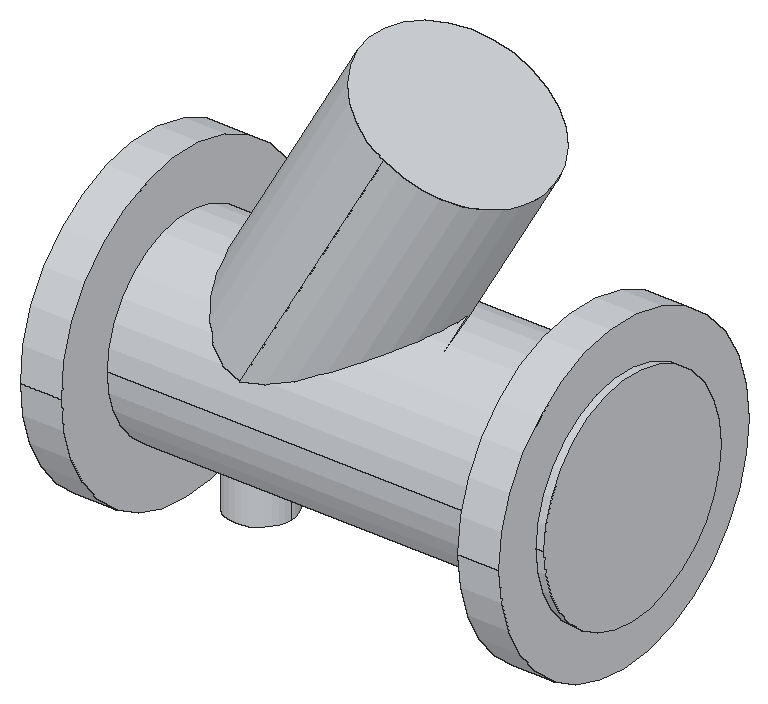
Revit family "HS 821-síto_standard-PN16-DN100-RFA_2018", category Pipe Accessories, Revit 2018
Family settings
  Round Connector Dimension = Use Diameter
  Part Type = Breaks Into
  Work Plane-Based = No
  Always vertical = Yes
  Cut with Voids When Loaded = No
  Shared = No
Parameters (values of type "821A-DN100-PN16-síto_standard")
  magiProductId = "c49a648c2747461285837d643703cd"
  magiProductFamilyId = "79214ac3aaa945e397802f559f5c1e"
  magiPartTypeId = 307
  isMeasuringValve [instance] = no
  ang2D [instance] = 0.00°
  ZB__ve = -ZB  # -35 mm
  ZB1 = 63.18 mm
  ZB = 35 mm
  X2 = 114.857 mm
  X1 = 49 mm
  W2D = 15 mm
  VersionID = "2.0/2017.9.26.1/ZETKAMA_821_001"
  Use Minimum Symbol Size [instance] = yes
  URL = "www.hydronix.cz"
  Type Comments = "Filtr přírubový; síto standardní; A-PN16 (-10~300°C); D-PN25 (-10~350°C); F-PN40 (-10~400°C)"
  S = 156 mm
  QmdConnectorList = "301;D;302;D"
  Productdata [instance] = ""
  Manufacturer = "Hydronix"
  MC Product Code = "200 190 (821A; DN100; PN16; kvs209,6; oko síta 1,60mm)"
  LM1 = 28 mm
  LM = 280 mm
  L4 = 87.5 mm
  L2D_Min = 3048 mm
  L2D = 130 mm
  L2 = 175 mm
  HH2 = 198.937 mm
  FD = 220 mm
  Description = "Filtr přírubový; síto standardní; 821A-PN16; 821D-PN25; 821F-PN40"
  DM1 = 131.4 mm
  DM = 140.4 mm
  D = 100 mm
  CC = 5.95 mm
  CAT0 = yes
  C1 = 29.05 mm
  C = 35 mm
  BD = 44.226 mm
Types (40, lengths in mm): name | magiProductId | ZB__ve | ZB1 | ZB | X2 | X1 | S | MC Product Code | LM1 | LM | L4 | L2 | HH2 | FD | DM1 | DM | D | CC | C1 | C | BD
  821A-DN015-PN16-síto_standard | "a71bcfe8b393460598b23e8ddf7dc5" | -16.25 | 18.63 | 16.25 | 46.982 | 18.2 | 46 | "200 115 (821A; DN015; PN16; kvs6,3; oko síta 1,00mm)" | 10.4 | 104 | 32.5 | 65 | 81.375 | 95 | 27.6 | 41.4 | 15 | 2.21 | 10.79 | 13 | 13.041
  821A-DN020-PN16-síto_standard | "41cd6c7a12924f4991217528336076" | -17.75 | 22.68 | 17.75 | 51.673 | 21 | 56 | "200 120 (821A; DN020; PN16; kvs11,2; oko síta 1,00mm)" | 12 | 120 | 37.5 | 75 | 89.5 | 105 | 33.6 | 50.4 | 20 | 2.55 | 12.45 | 15 | 15.876
  821A-DN025-PN16-síto_standard | "be378b463ed14c3abf4c9b3ae8cf3a" | -19.25 | 26.325 | 19.25 | 58.601 | 22.4 | 65 | "200 125 (821A; DN025; PN16; kvs14,7; oko síta 1,00mm)" | 12.8 | 128 | 40 | 80 | 101.5 | 115 | 43.2 | 58.5 | 25 | 2.72 | 13.28 | 16 | 18.427
  821A-DN032-PN16-síto_standard | "227a0d18b21540afabe8b6067d35fa" | -23 | 30.78 | 23 | 68.849 | 25.2 | 76 | "200 132 (821A; DN032; PN16; kvs23,7; oko síta 1,00mm)" | 14.4 | 144 | 45 | 90 | 119.25 | 140 | 50.4 | 68.4 | 32 | 3.06 | 14.94 | 18 | 21.546
  821A-DN040-PN16-síto_standard | "d106917c74724141a10440112d0102" | -24.5 | 34.02 | 24.5 | 75.777 | 28 | 84 | "200 140 (821A; DN040; PN16; kvs37,7; oko síta 1,00mm)" | 16 | 160 | 50 | 100 | 131.25 | 150 | 60 | 75.6 | 40 | 3.4 | 16.6 | 20 | 23.814
  821A-DN050-PN16-síto_standard | "8255d456a09e4f6486734f5dd9171b" | -26.75 | 40.095 | 26.75 | 79.061 | 32.2 | 99 | "200 150 (821A; DN050 PN16; kvs57,9; oko síta 1,00mm)" | 18.4 | 184 | 57.5 | 115 | 136.938 | 165 | 73.8 | 89.1 | 50 | 3.91 | 19.09 | 23 | 28.066
  821A-DN065-PN16-síto_standard | "235b1b3e4c0843779a4d5e3716d40a" | -29.75 | 47.79 | 29.75 | 86.927 | 40.6 | 118 | "200 165 (821A; DN065; PN16; kvs101,5; oko síta 1,25mm)" | 23.2 | 232 | 72.5 | 145 | 150.562 | 185 | 94.2 | 106.2 | 65 | 4.93 | 24.07 | 29 | 33.453
  821A-DN080-PN16-síto_standard | "a067f7c5236348ed8c820d16df7214" | -32 | 53.46 | 32 | 104.753 | 43.4 | 132 | "200 180 (821A; DN080; PN16; kvs147,4; oko síta 1,25mm)" | 24.8 | 248 | 77.5 | 155 | 181.438 | 200 | 107.4 | 118.8 | 80 | 5.27 | 25.73 | 31 | 37.422
  821A-DN100-PN16-síto_standard | "c49a648c2747461285837d643703cd" | -35 | 63.18 | 35 | 114.857 | 49 | 156 | "200 190 (821A; DN100; PN16; kvs209,6; oko síta 1,60mm)" | 28 | 280 | 87.5 | 175 | 198.937 | 220 | 131.4 | 140.4 | 100 | 5.95 | 29.05 | 35 | 44.226
  821A-DN125-PN16-síto_standard | "bf68e728a163493cbd2a663b26ebdc" | -39.5 | 74.52 | 39.5 | 131.888 | 56 | 184 | "200 191 (821A; DN125; PN16; kvs326,2; oko síta 1,60mm)" | 32 | 320 | 100 | 200 | 228.438 | 250 | 165 | 165.6 | 125 | 6.8 | 33.2 | 40 | 52.164
  821A-DN150-PN16-síto_standard | "2de770284b654863ae6bc865769dc5" | -44.75 | 85.455 | 44.75 | 155.885 | 67.2 | 211 | "200 192 (821A; DN150; PN16; kvs403; oko síta 1,60mm)" | 38.4 | 384 | 120 | 240 | 270 | 285 | 192 | 189.9 | 150 | 8.16 | 39.84 | 48 | 59.818
  821A-DN200-PN16-síto_standard | "8e5693371ab64aabb29a7f08c76e15" | -53 | 107.73 | 53 | 188.361 | 84 | 266 | "200 193 (821A; DN200; PN16; kvs707; oko síta 1,60mm)" | 48 | 480 | 150 | 300 | 326.25 | 340 | 252 | 239.4 | 200 | 10.2 | 49.8 | 60 | 75.411
  821A-DN250-PN16-síto_standard | "05e37ed948c34047acdd4c42556504" | -62.75 | 129.195 | 62.75 | 255.911 | 102.2 | 319 | "200 194 (821A; DN250; PN16; kvs1234; oko síta 1,60mm)" | 58.4 | 584 | 182.5 | 365 | 443.25 | 405 | 309.6 | 287.1 | 250 | 12.41 | 60.59 | 73 | 90.436
  821A-DN300-PN16-síto_standard | "9ad0af747269428da925480d83ce80" | -71 | 149.85 | 71 | 325.914 | 119 | 370 | "200 195 (821A; DN300; PN16; kvs1916; oko síta 1,60mm)" | 68 | 680 | 212.5 | 425 | 564.5 | 460 | 369.6 | 333 | 300 | 14.45 | 70.55 | 85 | 104.895
  821A-DN350-PN16-síto_standard | "eebc71459bb3451bb4355e7951370a" | -80 | 173.745 | 80 | 356.875 | 137.2 | 429 | "200 196 (821A; DN350; PN16; kvs2621; oko síta 1,60mm)" | 78.4 | 784 | 245 | 490 | 618.125 | 520 | 438 | 386.1 | 350 | 16.66 | 81.34 | 98 | 121.621
  821A-DN400-PN16-síto_standard | "d2f677cb196647e385b2590e7d8abe" | -89 | 194.4 | 89 | 392.237 | 154 | 480 | "200 197 (821A; DN400; PN16; kvs3460; oko síta 1,60mm)" | 88 | 880 | 275 | 550 | 679.375 | 580 | 498 | 432 | 400 | 18.7 | 91.3 | 110 | 136.08
  821D-DN015-PN25-síto_standard | "27ddcbf555414f8ca1fde329bf9087" | -16.25 | 18.63 | 16.25 | 46.982 | 18.2 | 46 | "200 215 (821D; DN015; PN25; kvs6,3; oko síta 1,00mm)" | 10.4 | 104 | 32.5 | 65 | 81.375 | 95 | 27.6 | 41.4 | 15 | 2.21 | 10.79 | 13 | 13.041
  821D-DN020-PN25-síto_standard | "270e0f14012f47189cd0235c18faee" | -17.75 | 22.68 | 17.75 | 51.673 | 21 | 56 | "200 220 (821D; DN020; PN25; kvs11,2; oko síta 1,00mm)" | 12 | 120 | 37.5 | 75 | 89.5 | 105 | 33.6 | 50.4 | 20 | 2.55 | 12.45 | 15 | 15.876
  821D-DN025-PN25-síto_standard | "b9a7fb4aa36643878c637d8e1ab992" | -19.25 | 26.325 | 19.25 | 58.601 | 22.4 | 65 | "200 225 (821D; DN025; PN25; kvs14,7; oko síta 1,00mm)" | 12.8 | 128 | 40 | 80 | 101.5 | 115 | 43.2 | 58.5 | 25 | 2.72 | 13.28 | 16 | 18.427
  821D-DN032-PN25-síto_standard | "6be9a55c4e68400f94eec7e804204c" | -23 | 30.78 | 23 | 68.849 | 25.2 | 76 | "200 232 (821D; DN032; PN25; kvs23,7; oko síta 1,00mm)" | 14.4 | 144 | 45 | 90 | 119.25 | 140 | 50.4 | 68.4 | 32 | 3.06 | 14.94 | 18 | 21.546
  821D-DN040-PN25-síto_standard | "c54511bd7f584ec2984291479612cb" | -24.5 | 34.02 | 24.5 | 75.777 | 28 | 84 | "200 240 (821D; DN040; PN25; kvs37,7; oko síta 1,00mm)" | 16 | 160 | 50 | 100 | 131.25 | 150 | 60 | 75.6 | 40 | 3.4 | 16.6 | 20 | 23.814
  821D-DN050-PN25-síto_standard | "5483b1f596b04cd39b23a14a22c90e" | -26.75 | 40.095 | 26.75 | 79.061 | 32.2 | 99 | "200 250 (821D; DN050; PN25; kvs57,9; oko síta 1,00mm)" | 18.4 | 184 | 57.5 | 115 | 136.938 | 165 | 73.8 | 89.1 | 50 | 3.91 | 19.09 | 23 | 28.066
  821D-DN065-PN25-síto_standard | "767b0f8318e94750bc7a9930ed5b30" | -29.75 | 47.79 | 29.75 | 86.927 | 40.6 | 118 | "200 265 (821D; DN065; PN25; kvs101,5; oko síta 1,25mm)" | 23.2 | 232 | 72.5 | 145 | 150.562 | 185 | 94.2 | 106.2 | 65 | 4.93 | 24.07 | 29 | 33.453
  821D-DN080-PN25-síto_standard | "e21040fa3cc2404b858198f6b73709" | -32 | 53.46 | 32 | 104.753 | 43.4 | 132 | "200 280 (821D; DN080; PN25; kvs147,4; oko síta 1,25mm)" | 24.8 | 248 | 77.5 | 155 | 181.438 | 200 | 107.4 | 118.8 | 80 | 5.27 | 25.73 | 31 | 37.422
  821D-DN100-PN25-síto_standard | "175ca87a506b40b3bc6b82f12f33cf" | -37.25 | 63.18 | 37.25 | 114.857 | 49 | 156 | "200 290 (821D; DN100; PN25; kvs209,6; oko síta 1,60mm)" | 28 | 280 | 87.5 | 175 | 198.937 | 235 | 131.4 | 140.4 | 100 | 5.95 | 29.05 | 35 | 44.226
  821D-DN125-PN25-síto_standard | "77cc98d60da24855999a22dff726b2" | -42.5 | 74.52 | 42.5 | 131.888 | 56 | 184 | "200 291 (821D; DN125; PN25; kvs326,2; oko síta 1,60mm)" | 32 | 320 | 100 | 200 | 228.438 | 270 | 165 | 165.6 | 125 | 6.8 | 33.2 | 40 | 52.164
  821D-DN150-PN25-síto_standard | "9cf8acfcd15547d68e83172d3abcbe" | -47 | 85.455 | 47 | 155.885 | 67.2 | 211 | "200 292 (821D; DN150; PN25; kvs403; oko síta 1,60mm)" | 38.4 | 384 | 120 | 240 | 270 | 300 | 192 | 189.9 | 150 | 8.16 | 39.84 | 48 | 59.818
  821D-DN200-PN25-síto_standard | "16973f3c9ea14389ba8602495a6b64" | -56 | 110.97 | 56 | 188.361 | 84 | 274 | "200 293 (821D; DN200; PN25; kvs707; oko síta 1,60mm)" | 48 | 480 | 150 | 300 | 326.25 | 360 | 252 | 246.6 | 200 | 10.2 | 49.8 | 60 | 77.679
  821F-DN015-PN40-síto_standard | "4c7eaf3c4c0340888b3e684d8a8616" | -16.25 | 18.225 | 16.25 | 46.982 | 18.2 | 45 | "240 615 (821F; DN015; PN40; kvs6,3; oko síta 1,00mm)" | 10.4 | 104 | 32.5 | 65 | 81.375 | 95 | 27.6 | 40.5 | 15 | 2.21 | 10.79 | 13 | 12.757
  821F-DN020-PN40-síto_standard | "aaac5f1ec96b44d6ba96ac2293d66d" | -17.75 | 23.49 | 17.75 | 51.673 | 21 | 58 | "240 620 (821F; DN020; PN40; kvs11,2; oko síta 1,00mm)" | 12 | 120 | 37.5 | 75 | 89.5 | 105 | 33.6 | 52.2 | 20 | 2.55 | 12.45 | 15 | 16.443
  821F-DN025-PN40-síto_standard | "504768023968471481789485b54c7e" | -19.25 | 27.54 | 19.25 | 58.601 | 22.4 | 68 | "240 625 (821F; DN025; PN40; kvs14,7; oko síta 1,00mm)" | 12.8 | 128 | 40 | 80 | 101.5 | 115 | 43.2 | 61.2 | 25 | 2.72 | 13.28 | 16 | 19.278
  821F-DN032-PN40-síto_standard | "165e7f39cf744f329bdf1c400dad12" | -23 | 31.59 | 23 | 68.849 | 25.2 | 78 | "240 632 (821F; DN032; PN40; kvs23,7; oko síta 1,00mm)" | 14.4 | 144 | 45 | 90 | 119.25 | 140 | 50.4 | 70.2 | 32 | 3.06 | 14.94 | 18 | 22.113
  821F-DN040-PN40-síto_standard | "b8903f952089408fbf3a5a632bab1f" | -24.5 | 35.64 | 24.5 | 75.777 | 28 | 88 | "240 640 (821F; DN040; PN40; kvs37,7; oko síta 1,00mm)" | 16 | 160 | 50 | 100 | 131.25 | 150 | 60 | 79.2 | 40 | 3.4 | 16.6 | 20 | 24.948
  821F-DN050-PN40-síto_standard | "c451f97266fe48da8f879cb6a2bd44" | -26.75 | 41.31 | 26.75 | 79.061 | 32.2 | 102 | "240 650 (821F; DN050; PN40; kvs57,9; oko síta 1,00mm)" | 18.4 | 184 | 57.5 | 115 | 136.938 | 165 | 73.8 | 91.8 | 50 | 3.91 | 19.09 | 23 | 28.917
  821F-DN065-PN40-síto_standard | "dc9821e3f9b34e128f6a8c6b34c198" | -29.75 | 49.41 | 29.75 | 86.927 | 40.6 | 122 | "240 665 (821F; DN065; PN40; kvs101,5; oko síta 1,25mm)" | 23.2 | 232 | 72.5 | 145 | 150.562 | 185 | 94.2 | 109.8 | 65 | 4.93 | 24.07 | 29 | 34.587
  821F-DN080-PN40-síto_standard | "689aa1e260f84cf4994f027a1d86b5" | -32 | 55.89 | 32 | 104.753 | 43.4 | 138 | "240 680 (821F; DN080; PN40; kvs147,4; oko síta 1,25mm)" | 24.8 | 248 | 77.5 | 155 | 181.438 | 200 | 107.4 | 124.2 | 80 | 5.27 | 25.73 | 31 | 39.123
  821F-DN100-PN40-síto_standard | "8a45d4e8e2ab425f8c432f21d684f3" | -37.25 | 65.61 | 37.25 | 114.857 | 49 | 162 | "240 690 (821F; DN100; PN40; kvs209,6; oko síta 1,6mm)" | 28 | 280 | 87.5 | 175 | 198.937 | 235 | 131.4 | 145.8 | 100 | 5.95 | 29.05 | 35 | 45.927
  821F-DN125-PN40-síto_standard | "cf073904c006406b8645afa67ea2fc" | -42.5 | 76.14 | 42.5 | 131.888 | 56 | 188 | "240 691 (821F; DN125; PN40; kvs326,2; oko síta 1,6mm)" | 32 | 320 | 100 | 200 | 228.438 | 270 | 165 | 169.2 | 125 | 6.8 | 33.2 | 40 | 53.298
  821F-DN150-PN40-síto_standard | "0153b9ddabe14992a630484929fdbc" | -47 | 88.29 | 47 | 155.885 | 67.2 | 218 | "240 692 (821F; DN150; PN40; kvs403; oko síta 1,6mm)" | 38.4 | 384 | 120 | 240 | 270 | 300 | 192 | 196.2 | 150 | 8.16 | 39.84 | 48 | 61.803
  821F-DN200-PN40-síto_standard | "7fb3fc01dd8d42428c203e3f8dd4d5" | -56 | 115.425 | 56 | 188.361 | 84 | 285 | "240 693 (821F; DN200; PN40; kvs707; oko síta 1,6mm)" | 48 | 480 | 150 | 300 | 326.25 | 360 | 252 | 256.5 | 200 | 10.2 | 49.8 | 60 | 80.797
Reference planes
  plane 1 "Center (Front/Back)": y = 0
  plane 2 "XYPLANE": z = 0
  plane 3 "Center (Left/Right)": x = 0
  plane 4 "109": x = -112
  plane 5 "108": x = 140
  plane 6 "107": x = -140
  plane 7 "105": x = 175
  plane 8 "104": x = -175
  plane 9 "103": y = 0
  plane 10 "102": z = 0
  plane 11 "101": x = -169.05
  plane 12 "100": x = 169.05
  plane 13 "11": x = -63
  plane 14 "10": z = 198.937
  plane 15 "9": x = 51.857
  plane 16 "5": z = -63.18
  plane 17 "4": x = -87.5
  plane 18 "1": x = 87.5
Forms (mm)
  Extrusion 1, solid, visible <- "CAT0"
    sketch origin (-140, -750, 0) x (0, 1, 0) y (0, 0, 1)
      loop
        circle (750, 0) r 70.2
    from 0 to 280 <- "LM"
  Extrusion 2, solid
    sketch origin (-175, -750, 0) x (0, 1, 0) y (0, 0, 1)
      loop
        circle (750, 0) r 78
    from 0 to 5.95 <- "CC"
  Extrusion 3, solid
    sketch origin (-169.05, -750, 0) x (0, 1, 0) y (0, 0, 1)
      loop
        circle (750, 0) r 110
    from 0 to 29.05 <- "C1"
  Extrusion 4, solid
    sketch origin (140, -750, 0) x (0, 1, 0) y (0, 0, 1)
      loop
        circle (750, 0) r 110
    from 0 to 29.05 <- "C1"
  Extrusion 5, solid
    sketch origin (169.05, -750, 0) x (0, 1, 0) y (0, 0, 1)
      loop
        circle (750, 0) r 78
    from 0 to 5.95 <- "CC"
  Sweep 6, solid, visible <- "CAT0"
    path origin (750, 0, 0) x (-1, 0, 0) y (0, 0, 1)
      loop
        line (890, 0) -> (813, 0) -> (698.143, 198.937)
    profile origin (-140, 0, 0) x (0, 0, -1) y (0, 1, 0)
      loop
        circle (0, 0) r 65.7
  Extrusion 7, solid, visible <- "CAT0"
    sketch origin (-750, 0, -63.18) x (1, 0, 0) y (0, 1, 0)
      loop
        circle (662.5, 0) r 22.113
    from 0 to -35 <- "ZB__ve"
  Extrusion 8, solid, visible <- "CAT0"
    sketch origin (-750, 0, -63.18) x (1, 0, 0) y (0, 1, 0)
      loop
        circle (837.5, 0) r 22.113
    from 0 to -35 <- "ZB__ve"
  Extrusion 9, solid, not visible
    sketch origin (175, -750, 0) x (0, 1, 0) y (0, 0, 1)
      loop
        circle (750, 0) r 10
    from 0 to -10
  Extrusion 10, solid, not visible
    sketch origin (-175, -750, 0) x (0, 1, 0) y (0, 0, 1)
      loop
        circle (750, 0) r 10
    from 0 to 10
Lines and regions (mm)
  reference lines, not visible
    curve 1: circle (2, 2, 0) r 1 normal (0, 0, 1)
Dimensions and locks
  plane 1 "Center (Front/Back)" to curve 1 = 2 mm
  "LM1": plane 6 "107" to plane 4 "109"
  "LM": plane 6 "107" to plane 5 "108"
  "C": plane 8 "104" to plane 6 "107"
  "L2": plane 3 "Center (Left/Right)" to plane 7 "105"
  "L2": plane 3 "Center (Left/Right)" to plane 8 "104"
  locked: plane 1 "Center (Front/Back)" to plane 9 "103"
  locked: plane 2 "XYPLANE" to plane 10 "102"
  "CC": plane 8 "104" to plane 11 "101"
  "C1": plane 5 "108" to plane 12 "100"
  "X1": plane 4 "109" to plane 13 "11"
  "HH2": plane 2 "XYPLANE" to plane 14 "10"
  "X2": plane 13 "11" to plane 15 "9"
  "ZB1": plane 2 "XYPLANE" to plane 16 "5"
  "L4": plane 8 "104" to plane 17 "4"
  "L2": plane 17 "4" to plane 18 "1"
  Sweep 6 sketch curve to Sweep 6 sketch curve = 0 mm  (x2)
  "DM": diameter of Extrusion 1 sketch curve
  "S": diameter of Extrusion 2 sketch curve
  "FD": diameter of Extrusion 3 sketch curve
  "FD": diameter of Extrusion 4 sketch curve
  "S": diameter of Extrusion 5 sketch curve
  "DM1": diameter of Sweep 6 sketch curve
  "BD": diameter of Extrusion 7 sketch curve
  "BD": diameter of Extrusion 8 sketch curve
  aligned and locked: level to plane 2 "XYPLANE"
  aligned and locked: Extrusion 1 sketch curve to plane 9 "103"
  aligned and locked: plane 10 "102" to Extrusion 1 sketch curve
  aligned and locked: Extrusion 2 sketch curve to plane 9 "103"
  aligned and locked: plane 10 "102" to Extrusion 2 sketch curve
  aligned and locked: Extrusion 3 sketch curve to plane 9 "103"
  aligned and locked: plane 10 "102" to Extrusion 3 sketch curve
  aligned and locked: Extrusion 4 sketch curve to plane 9 "103"
  aligned and locked: plane 10 "102" to Extrusion 4 sketch curve
  aligned and locked: Extrusion 5 sketch curve to plane 9 "103"
  aligned and locked: plane 10 "102" to Extrusion 5 sketch curve
  aligned and locked: Sweep 6 sketch curve to plane 9 "103"
  aligned and locked: plane 10 "102" to Sweep 6 sketch curve  (x3)
  aligned and locked: plane 6 "107" to Sweep 6 sketch curve
  aligned and locked: plane 13 "11" to Sweep 6 sketch curve
  aligned and locked: plane 14 "10" to Sweep 6 sketch curve
  aligned and locked: plane 15 "9" to Sweep 6 sketch curve
  aligned and locked: plane 9 "103" to Extrusion 7 sketch curve
  aligned and locked: plane 17 "4" to Extrusion 7 sketch curve
  aligned and locked: plane 9 "103" to Extrusion 8 sketch curve
  aligned and locked: plane 18 "1" to Extrusion 8 sketch curve
  aligned and locked: Extrusion 9 sketch curve to plane 9 "103"
  aligned and locked: plane 10 "102" to Extrusion 9 sketch curve
  aligned and locked: Extrusion 10 sketch curve to plane 9 "103"
  aligned and locked: plane 10 "102" to Extrusion 10 sketch curve
Automatic sketch dimensions
  plane 1 "Center (Front/Back)" to Extrusion 9 sketch curve = 10 mm
  plane 1 "Center (Front/Back)" to Extrusion 10 sketch curve = 10 mm
  plane 3 "Center (Left/Right)" to curve 1 = 2 mm
  radius of curve 1 = 1 mm
Connectors
  piping at (-175, 0, 0), diameter 100, driven by "D"
    settings: on Extrusion 10, index 1, connector inside diameter 609.6 mm, connector length 0 mm, flow factor 0, pipe flow 0.0 L/s, pressure drop 0.0 Pa, fitting loss kfactor 0, connector angle 0.00°, fixture units 0, engagement length 0 mm, angle of deflection 0.00°, flow configuration 0, flow direction 0, fitting loss method 0, system type 29, joint type 0, gender type 0, connector reference index 2, connector utility 0, adjustable connector no, is connector primary yes, connector description ""
  piping at (175, 0, 0), diameter 100, driven by "D"
    settings: on Extrusion 9, index 2, connector inside diameter 609.6 mm, connector length 0 mm, flow factor 0, pipe flow 0.0 L/s, pressure drop 0.0 Pa, fitting loss kfactor 0, connector angle 0.00°, fixture units 0, engagement length 0 mm, angle of deflection 0.00°, flow configuration 0, flow direction 0, fitting loss method 0, system type 29, joint type 0, gender type 0, connector reference index 1, connector utility 0, adjustable connector no, is connector primary no, connector description ""
